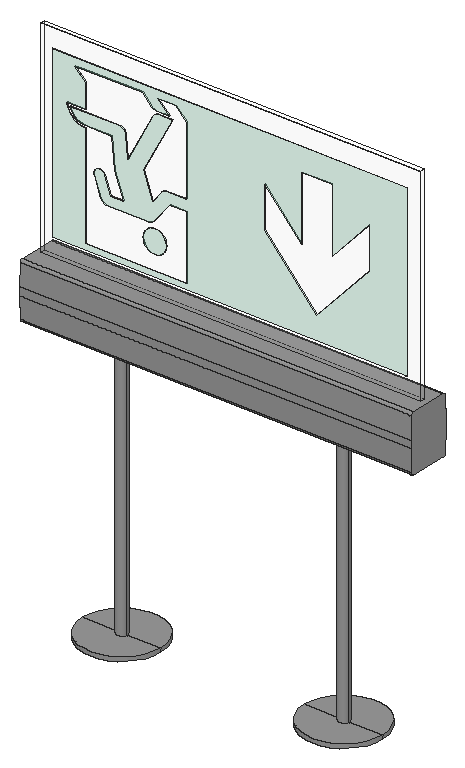
Revit family "0041752", category Lighting Fixtures, host Face, Revit 2017
Family settings
  Host = Face
  Round Connector Dimension = Use Diameter
  Part Type = Normal
  OmniClass Number = 23.80.70.00
  OmniClass Title = Lighting
  Cut with Voids When Loaded = No
  Light Source = No
  Shared = No
  Room Calculation Point = No
Parameters (values of type "0041752 SYLSAFE EXIT-MOD EX S EM3 MT MS Up")
  Width_SYL = 33 mm
  Weight = "0.866 kg"
  Wattage Comments = ""
  WarrantyStartDate [instance] = "n/a"
  WarrantyGuarantorParts = "n/a"
  WarrantyDurationUnit = "n/a"
  WarrantyDurationParts = "n/a"
  WarrantyDescription = "n/a"
  Voltage = 0 V
  URL = "http://www.sylvania-lighting.com"
  TypeSign_SYL = SylSafe EXIT Sign : Exit Arrow Up
  TypeName = "SylSafe Exit-Mod EX S EM3 MT MS Up"
  Type Image = <None>
  Type Comments = "n/a"
  SuspensionHeight_SYL = 140 mm
  SerialNumber [instance] = "n/a"
  RotatableArmThickness_SYL = 3 mm
  RadiusBody_SYL = Width_SYL / 2  # 16.5 mm
  Material_3_SYL = none
  PowerFactor = 0.49
  PowerConsumption = "4.9 W"
  NominalLength = 300 mm
  NominalHeight = 201 mm
  NominalDepth = 49 mm
  Name = "SylSafe Exit-Mod EX S EM3 MT MS Up"
  ModelReference = Name  # "SylSafe Exit-Mod EX S EM3 MT MS Up"
  ModelNumber = "0041752"
  Model = Name  # "SylSafe Exit-Mod EX S EM3 MT MS Up"
  Material = "n/a"
  ManufacturerName = "Feilo Sylvania"
  Manufacturer = "Feilo Sylvania"
  LuminousEfficacy = "0 lm/W"
  LuminaireType = ""
  LightOutputRatio = "n/a"
  Length_SYL = 300 mm
  LampsType = Lamp  # "LED"
  LampNominalLuminous = "- lm"
  LampMacAdamStep = "n/a"
  LampColourTemperature = "0 K"
  LampColourRenderingIndex = "0"
  Lamp = "LED"
  Keynote = "16500"
  InstallationDate [instance] = "n/a"
  InputVoltage = "n/a"
  InputNominalFrequency = "n/a"
  IngressProtection = "IP20"
  ImpactProtectionIndex = "IK03"
  IfcExportType = "IfcLightFixtureType"
  IfcExportAs = "IfcLightFixtureType"
  Height_SYL = 43 mm
  ExpectedLife = 50000
  ElectricShockClassification = "Class II"
  DurationUnit = "hours"
  DocumentationLiterature = "http://www.sylvania-lighting.com/product/en-int/products/0041752"
  DimmingControlOptions = "n/a"
  Material_2_SYL = none
  Description = "SylSafe Exit-Mod EX S EM3 MT MS is a suspended emergency exit sign. Comes with ISO7010 compliant legend pack. Arrows left, right, up, down and a blank sheet for single sided versions. EC legend pack is available as accessory. Viewing distance 26m. White housing colour.  Maintained 3hr emergency operation with NiMH rechargeable battery. Recharge period 24 hours. 4.9W, IK03, IP20. Power Factor 0.49. Class II electrical construction."
  Default Elevation = 1219.2 mm
  CreatedOn = "10/28/2019"
  CreatedBy = "@sylvania-lighting.com"
  Cost = 0
  built-in parameter 1114216 [instance] = (empty or 0)
  ClassificationValue = "EF_70_80"
  ClassificationName = "Uniclass2015"
  Material_1_SYL = PC/ABS Plastic
  BarCode [instance] = "n/a"
  AssetType = "Fixed"
  AssetIdentifier [instance] = "n/a"
  Assembly Code = "D5020200"
  Apparent Load = 4.9 VA
  Material_4_SYL = none
Types (4, lengths in mm): name | TypeSign_SYL | TypeName | Name | ModelReference | Model
  0041752 SYLSAFE EXIT-MOD EX S EM3 MT MS Up | SylSafe EXIT Sign : Exit Arrow Up | "SylSafe Exit-Mod EX S EM3 MT MS Up" | "SylSafe Exit-Mod EX S EM3 MT MS Up" | "SylSafe Exit-Mod EX S EM3 MT MS Up" | "SylSafe Exit-Mod EX S EM3 MT MS Up"
  0041752 SYLSAFE EXIT-MOD EX S EM3 MT MS Right | SylSafe EXIT Sign : Exit Arrow Right | "SylSafe Exit-Mod EX S EM3 MT MS Right" | "SylSafe Exit-Mod EX S EM3 MT MS Right" | "SylSafe Exit-Mod EX S EM3 MT MS Right" | "SylSafe Exit-Mod EX S EM3 MT MS Right"
  0041752 SYLSAFE EXIT-MOD EX S EM3 MT MS Left | SylSafe EXIT Sign : Exit Arrow Left | "SylSafe Exit-Mod EX S EM3 MT MS Left" | "SylSafe Exit-Mod EX S EM3 MT MS Left" | "SylSafe Exit-Mod EX S EM3 MT MS Left" | "SylSafe Exit-Mod EX S EM3 MT MS Left"
  0041752 SYLSAFE EXIT-MOD EX S EM3 MT MS Down | SylSafe EXIT Sign : Exit Arrow Down | "SylSafe Exit-Mod EX S EM3 MT MS Down" | "SylSafe Exit-Mod EX S EM3 MT MS Down" | "SylSafe Exit-Mod EX S EM3 MT MS Down" | "SylSafe Exit-Mod EX S EM3 MT MS Down"
Reference planes
  plane 1 "Center (Front/Back)": y = 0
  plane 2: z = 200
  plane 3 "Center (Left/Right)": x = 0
  plane 4: y = 16.5
  plane 5: y = -16.5
  plane 6: z = 243
  plane 7: x = -150
  plane 8: x = 150
  plane 9: z = 221.5
  plane 10: y = -15.9
  plane 11: y = 15.9
  plane 12: x = -85
  plane 13: x = 85
  plane 14: x = -115
  plane 15: x = 55
  plane 16: z = 3
Forms (mm)
  Extrusion 1, solid, material "PC/ABS Plastic" <- "Material_1_SYL"
    sketch origin (0, 0, 200) x (1, 0, 0) y (0, 1, 0)
      loop
        circle (-85, 0) r 4
      loop
        circle (85, 0) r 4
    from 0 to -200
  Extrusion 2, solid, material "PC/ABS Plastic" <- "Material_1_SYL"
    sketch origin (0, 0, 0) x (0, 1, 0) y (0, 0, 1)
      loop
        line (13.955, 243) -> (-13.955, 243)
        arc (-13.955, 243) -> (-15.349, 242.434) -> (-15.954, 241.056) r 2
        line (-15.954, 241.056) -> (-16.422, 224.29)
        arc (-16.422, 224.29) -> (-16.461, 221.5) -> (-16.422, 218.71) r 100
        line (-16.422, 218.71) -> (-15.954, 201.944)
        arc (-15.954, 201.944) -> (-15.349, 200.566) -> (-13.955, 200) r 2
        line (-13.955, 200) -> (13.955, 200)
        arc (13.955, 200) -> (15.349, 200.566) -> (15.954, 201.944) r 2
        line (15.954, 201.944) -> (16.422, 218.71)
        arc (16.422, 218.71) -> (16.461, 221.5) -> (16.422, 224.29) r 100
        line (16.422, 224.29) -> (15.954, 241.056)
        arc (15.954, 241.056) -> (15.349, 242.434) -> (13.955, 243) r 2
    from -150 to 150
  Revolve 3, solid, material "PC/ABS Plastic" <- "Material_1_SYL"
    sketch origin (0, 0, 0) x (1, 0, 0) y (0, 0, 1)
      loop
        line (-85, 3) -> (-115, 3) -> (-115, 0) -> (-85, 0) -> (-85, 3)
      axis (-85, 3) -> (-85, 0)
    angle from 360 to 0
  Revolve 4, solid, material "PC/ABS Plastic" <- "Material_1_SYL"
    sketch origin (0, 0, 0) x (1, 0, 0) y (0, 0, 1)
      loop
        line (85, 3) -> (55, 3) -> (55, 0) -> (85, 0) -> (85, 3)
      axis (85, 3) -> (85, 0)
    angle from 360 to 0
Lines and regions (mm)
  reference lines
    curve 1: line (0, -16.5, 221.5) -> (0, -15.9, 243)
    curve 2: line (0, -16.5, 221.5) -> (0, -15.9, 200)
    curve 3: line (0, 15.9, 200) -> (0, 16.5, 221.5)
    curve 4: line (0, 16.5, 221.5) -> (0, 15.9, 243)
Dimensions and locks
  equal spacing: plane 5, plane 1 "Center (Front/Back)", plane 4
  "Width_SYL": plane 5 to plane 4
  equal spacing: plane 8, plane 3 "Center (Left/Right)", plane 7
  "Length_SYL": plane 8 to plane 7
  equal spacing: plane 2, plane 9, plane 6
  "Height_SYL": plane 6 to plane 2
  equal spacing: plane 10, plane 1 "Center (Front/Back)", plane 11
  locked: plane 5 to plane 10 at 0.6
  equal spacing: host sketch curve, plane 3 "Center (Left/Right)", host sketch curve
  equal spacing: host sketch curve, plane 1 "Center (Front/Back)", host sketch curve
  equal spacing: plane 13, plane 3 "Center (Left/Right)", plane 12
  locked: plane 13 to plane 12 at 170
  plane 2 to level = 200 mm
  locked: plane 16 to level at 3
  locked: plane 12 to plane 14 at 30
  locked: plane 13 to plane 15 at 30
  aligned and locked: level to host face
  aligned and locked: plane 9 to curve 1
  aligned and locked: plane 6 to curve 1
  aligned and locked: plane 9 to curve 3
  aligned and locked: plane 6 to curve 4
  aligned and locked: plane 12 to Extrusion 1 sketch curve
  aligned and locked: plane 1 "Center (Front/Back)" to Extrusion 1 sketch curve  (x2)
  aligned and locked: plane 13 to Extrusion 1 sketch curve
  aligned and locked: plane 2 to Extrusion 1
  aligned and locked: Extrusion 1 to level
  aligned and locked: Extrusion 2 sketch curve to plane 6
  aligned and locked: Extrusion 2 sketch curve to curve 1
  aligned and locked: curve 2 to Extrusion 2 sketch curve
  aligned and locked: Extrusion 2 sketch curve to plane 2
  aligned and locked: curve 3 to Extrusion 2 sketch curve
  aligned and locked: curve 4 to Extrusion 2 sketch curve
  aligned and locked: plane 8 to Extrusion 2
  aligned and locked: Extrusion 2 to plane 7
  aligned and locked: plane 1 "Center (Front/Back)" to nested 1
  aligned and locked: plane 3 "Center (Left/Right)" to nested 1
  aligned and locked: Revolve 3 sketch curve to plane 12
  aligned and locked: plane 16 to Revolve 3 sketch curve
  aligned and locked: plane 12 to Revolve 3 sketch curve
  aligned and locked: Revolve 3 sketch curve to level
  aligned and locked: Revolve 3 sketch curve to plane 14
  aligned and locked: Revolve 4 sketch curve to plane 13
  aligned and locked: plane 16 to Revolve 4 sketch curve
  aligned and locked: plane 13 to Revolve 4 sketch curve
  aligned and locked: Revolve 4 sketch curve to level
  aligned and locked: Revolve 4 sketch curve to plane 15
Automatic sketch dimensions
  curve 2 to plane 5 = 0 mm
  curve 2 to plane 10 = 0 mm
  curve 1 to plane 10 = 0 mm
  curve 4 to plane 11 = 0 mm
  curve 3 to plane 11 = 0 mm
  curve 3 to plane 4 = 0 mm
  curve 2 to plane 2 = 0 mm
  curve 3 to plane 2 = 0 mm
  Extrusion 2 sketch curve to plane 5 = 0.078 mm
  plane 10 to Extrusion 2 sketch curve = 0.054 mm  (x2)
  plane 11 to Extrusion 2 sketch curve = 1.945 mm  (x2)
  plane 4 to Extrusion 2 sketch curve = 0.078 mm
  Revolve 3 sketch curve to level = 609.6 mm
  Revolve 3 sketch curve to plane 6 = 2366.058 mm
  Revolve 4 sketch curve to level = 609.6 mm
  Revolve 4 sketch curve to plane 6 = 2366.058 mm
  radius of Extrusion 1 sketch curve = 4 mm  (x2)
Nested families
  nested 1: "SylSafe EXIT Sign" at (0, 0, 243), type <- "TypeSign_SYL", type "Exit Arrow Up"
    with built-in parameter 1114216 (empty or 0)
Definition of nested family "SylSafe EXIT Sign"
  Parameters (values of type "Exit Arrow Down")
    Width_SYL = 4 mm
    Wattage Comments = "n/a"
    Wattage = 2.2 W
    built-in parameter 1150110 = 1 (stored number, unit not read)
    Up_SYL = no
    URL = "http://www.sylvania-lighting.com"
    Type Image = (empty or 0)
    Type Comments = "n/a"
    built-in parameter 1114217 = 1 (stored number, unit not read)
    ThicknessLabel_SYL = 0.8 mm
    built-in parameter 1150109 = 1 (stored number, unit not read)
    built-in parameter 1150134 = 5
    built-in parameter 1150113 = 1 (stored number, unit not read)
    Right_SYL = no
    Material_3_SYL = none
    Model = ""
    Manufacturer = "Feilo Sylvania"
    built-in parameter 1150105 = 70.028 (stored number, unit not read)
    Lumens = 220 lm
    built-in parameter 1150115 = 1 (stored number, unit not read)
    Light Source Symbol Size = 50 mm
    built-in parameter 1150137 = (empty or 0)
    built-in parameter 1150139 = (empty or 0)
    Left_SYL = no
    built-in parameter 1150112 = 1 (stored number, unit not read)
    built-in parameter 1150114 = 1 (stored number, unit not read)
    Lamp = "LED"
    Keynote = "16500"
    Material_2_SYL = none
    built-in parameter 1150132 = (empty or 0)
    built-in parameter 1150102 = (empty or 0)
    built-in parameter 1150107 = 6000 (stored number, unit not read)
    built-in parameter 1150138 = (empty or 0)
    built-in parameter 1150106 = 0.70028 (stored number, unit not read)
    Emit from Line Length = 291 mm  # constant formula
    built-in parameter 1150104 = 9.2903 (stored number, unit not read)
    Down_SYL = yes
    Dimming Lamp Color Temperature Shift = (empty or 0)
    Description = ""
    Default Elevation = 1219.2 mm
    Cost = 0
    Color Filter = 16777215
    built-in parameter 1114216 [instance] = (empty or 0)
    Material_1_SYL = none
    built-in parameter 1114218 = 1 (stored number, unit not read)
    built-in parameter 1150133 = 10 (stored number, unit not read)
    Assembly Code = "D5020200"
    Apparent Load = 0 VA
    Material_4_SYL = none
  Types (4, lengths in mm): name | Up_SYL | Right_SYL | Left_SYL | Down_SYL | Apparent Load
    Exit Arrow Right | no | yes | no | no | 2.2 VA
    Exit Arrow Left | no | no | yes | no | 2.2 VA
    Exit Arrow Up | yes | no | no | no | 4.9 VA
    Exit Arrow Down | no | no | no | yes | 0 VA
  Reference planes
    plane 1 "Center (Front/Back)": y = 0
    plane 2: z = 0
    plane 3 "Center (Left/Right)": x = 0
    plane 4: z = 0.008
    plane 5: y = 2
    plane 6: y = -2
    plane 7: y = -2.8
    plane 8: x = -145.5
    plane 9: x = 145.5
    plane 10: z = 158
    plane 11: z = 79.004
  Forms (mm)
    Extrusion 1, solid
      sketch origin (4.2, 0, 0) x (1, 0, 0) y (0, 1, 0)
        loop
          line (-1219.2, 1219.2) -> (-1219.2, -1219.2) -> (1219.2, -1219.2) -> (1219.2, 1219.2) -> (-1219.2, 1219.2)
      from 0 to -68.017
    Extrusion 2, solid, material <- "Material_2_SYL", visible <- "Left_SYL", detail levels fine
      sketch origin (351.989, -2, 271.712) x (0, 0, -1) y (1, 0, 0)
        loop
          circle (232.921, -409.427) r 8.997
        loop
          line (252.914, -384.876) -> (203.771, -384.876) -> (203.771, -398.197) -> (218.424, -409.24)
          arc (218.424, -409.24) -> (220.352, -411.558) -> (221.043, -414.493) r 6.578
          line (221.043, -414.493) -> (221.043, -445.923)
          arc (221.043, -445.923) -> (220.132, -448.814) -> (217.728, -450.658) r 5.039
          line (217.728, -450.658) -> (203.593, -455.803)
          arc (203.593, -455.803) -> (198.134, -453.257) -> (200.68, -447.797) r 4.26
          line (200.68, -447.797) -> (213.464, -443.144) -> (213.464, -433.37) -> (194.903, -440.126) -> (171.839, -442.143) -> (171.839, -462.298)
          arc (171.839, -462.298) -> (169.301, -469.956) -> (162.694, -474.583) r 12.824
          line (162.694, -474.583) -> (162.694, -436.566)
          arc (162.694, -436.566) -> (164.018, -433.162) -> (167.293, -431.547) r 5.039
          line (167.293, -431.547) -> (183.708, -430.111) -> (147.253, -410.727)
          arc (147.253, -410.727) -> (145.299, -408.874) -> (144.58, -406.279) r 5.039
          line (144.58, -406.279) -> (144.58, -395.77) -> (186.296, -417.95) -> (205.853, -410.832) -> (197.426, -404.482)
          arc (197.426, -404.482) -> (195.783, -402.507) -> (195.195, -400.008) r 5.602
          line (195.195, -400.008) -> (195.195, -384.876) -> (142.284, -384.876) -> (133.752, -393.408) -> (133.752, -406.996) -> (142.825, -397.923) -> (142.825, -407.504)
          arc (142.825, -407.504) -> (142.393, -409.678) -> (141.162, -411.52) r 5.68
          line (141.162, -411.52) -> (133.752, -418.93) -> (133.752, -470.519) -> (141.973, -462.298) -> (160.874, -462.298) -> (160.874, -477.07)
          arc (160.874, -477.07) -> (169.956, -471.998) -> (173.715, -462.298) r 15.341
          line (173.715, -462.298) -> (252.914, -462.298) -> (252.914, -384.876)
        loop
          line (257.706, -215.944) -> (127.708, -215.944) -> (127.708, -488.034) -> (257.706, -488.034) -> (257.706, -215.944)
        loop
          line (204.292, -340.093) -> (204.292, -290.517) -> (232.638, -321.999) -> (232.638, -290.517) -> (192.707, -235.084) -> (152.776, -290.517) -> (152.776, -321.999) -> (181.122, -290.517) -> (181.122, -340.093) -> (204.292, -340.093)
      from 0 to 0.8
    Extrusion 3, solid, material <- "Material_2_SYL", visible <- "Up_SYL", detail levels fine
      sketch origin (0, -2, -647.069) x (0, 0, -1) y (1, 0, 0)
        loop
          line (-785.029, -41.419) -> (-785.029, -55.007) -> (-775.956, -45.934) -> (-775.956, -55.515)
          arc (-775.956, -55.515) -> (-776.388, -57.689) -> (-777.62, -59.531) r 5.68
          line (-777.62, -59.531) -> (-785.029, -66.941) -> (-785.029, -118.53) -> (-776.808, -110.309) -> (-757.907, -110.309) -> (-757.907, -125.081)
          arc (-757.907, -125.081) -> (-748.825, -120.009) -> (-745.067, -110.309) r 15.341
          line (-745.067, -110.309) -> (-665.867, -110.309) -> (-665.867, -32.887) -> (-715.011, -32.887) -> (-715.011, -46.208) -> (-700.357, -57.251)
          arc (-700.357, -57.251) -> (-698.429, -59.569) -> (-697.738, -62.504) r 6.578
          line (-697.738, -62.504) -> (-697.738, -93.934)
          arc (-697.738, -93.934) -> (-698.649, -96.825) -> (-701.053, -98.669) r 5.039
          line (-701.053, -98.669) -> (-715.188, -103.814)
          arc (-715.188, -103.814) -> (-720.647, -101.268) -> (-718.102, -95.808) r 4.26
          line (-718.102, -95.808) -> (-705.317, -91.155) -> (-705.317, -81.381) -> (-723.879, -88.137) -> (-746.943, -90.155) -> (-746.943, -110.309)
          arc (-746.943, -110.309) -> (-749.48, -117.967) -> (-756.087, -122.594) r 12.824
          line (-756.087, -122.594) -> (-756.087, -84.577)
          arc (-756.087, -84.577) -> (-754.764, -81.173) -> (-751.488, -79.558) r 5.039
          line (-751.488, -79.558) -> (-735.074, -78.122) -> (-771.528, -58.738)
          arc (-771.528, -58.738) -> (-773.482, -56.885) -> (-774.201, -54.29) r 5.039
          line (-774.201, -54.29) -> (-774.201, -43.781) -> (-732.486, -65.961) -> (-712.929, -58.843) -> (-721.356, -52.493)
          arc (-721.356, -52.493) -> (-722.998, -50.518) -> (-723.586, -48.019) r 5.602
          line (-723.586, -48.019) -> (-723.586, -32.887) -> (-776.497, -32.887) -> (-785.029, -41.419)
        loop
          circle (-685.86, -57.438) r 8.997
        loop
          line (-723.46, 78.505) -> (-773.036, 78.505) -> (-773.036, 55.335) -> (-723.46, 55.335) -> (-754.942, 26.989) -> (-723.46, 26.989) -> (-679.112, 66.92) -> (-723.46, 106.851) -> (-754.942, 106.851) -> (-723.46, 78.505)
        loop
          line (-791.073, -136.045) -> (-661.075, -136.045) -> (-661.075, 136.045) -> (-791.073, 136.045) -> (-791.073, -136.045)
      from 0 to 0.8
    Extrusion 4, solid, material <- "Material_2_SYL", visible <- "Down_SYL", detail levels fine
      sketch origin (0, -2, -647.069) x (0, 0, -1) y (1, 0, 0)
        loop
          line (-715.011, -46.208) -> (-700.357, -57.251)
          arc (-700.357, -57.251) -> (-698.429, -59.569) -> (-697.738, -62.504) r 6.578
          line (-697.738, -62.504) -> (-697.738, -93.934)
          arc (-697.738, -93.934) -> (-698.649, -96.825) -> (-701.053, -98.669) r 5.039
          line (-701.053, -98.669) -> (-715.188, -103.814)
          arc (-715.188, -103.814) -> (-720.647, -101.268) -> (-718.102, -95.808) r 4.26
          line (-718.102, -95.808) -> (-705.317, -91.155) -> (-705.317, -81.381) -> (-723.879, -88.137) -> (-746.943, -90.155) -> (-746.943, -110.309)
          arc (-746.943, -110.309) -> (-749.48, -117.967) -> (-756.087, -122.594) r 12.824
          line (-756.087, -122.594) -> (-756.087, -84.577)
          arc (-756.087, -84.577) -> (-754.764, -81.173) -> (-751.488, -79.558) r 5.039
          line (-751.488, -79.558) -> (-735.074, -78.122) -> (-771.528, -58.738)
          arc (-771.528, -58.738) -> (-773.482, -56.885) -> (-774.201, -54.29) r 5.039
          line (-774.201, -54.29) -> (-774.201, -43.781) -> (-732.486, -65.961) -> (-712.929, -58.843) -> (-721.356, -52.493)
          arc (-721.356, -52.493) -> (-722.998, -50.518) -> (-723.586, -48.019) r 5.602
          line (-723.586, -48.019) -> (-723.586, -32.887) -> (-776.497, -32.887) -> (-785.029, -41.419) -> (-785.029, -55.007) -> (-775.956, -45.934) -> (-775.956, -55.515)
          arc (-775.956, -55.515) -> (-776.388, -57.689) -> (-777.62, -59.531) r 5.68
          line (-777.62, -59.531) -> (-785.029, -66.941) -> (-785.029, -118.53) -> (-776.808, -110.309) -> (-757.907, -110.309) -> (-757.907, -125.081)
          arc (-757.907, -125.081) -> (-748.825, -120.009) -> (-745.067, -110.309) r 15.341
          line (-745.067, -110.309) -> (-665.867, -110.309) -> (-665.867, -32.887) -> (-715.011, -32.887) -> (-715.011, -46.208)
        loop
          circle (-685.86, -57.438) r 8.997
        loop
          line (-791.073, -136.045) -> (-661.075, -136.045) -> (-661.075, 136.045) -> (-791.073, 136.045) -> (-791.073, -136.045)
        loop
          line (-679.112, 55.335) -> (-679.112, 78.505) -> (-728.688, 78.505) -> (-697.206, 106.851) -> (-728.688, 106.851) -> (-773.036, 66.92) -> (-728.688, 26.989) -> (-697.206, 26.989) -> (-728.688, 55.335) -> (-679.112, 55.335)
      from 0 to 0.8
    Extrusion 5, solid, material <- "Material_2_SYL", visible <- "Right_SYL", detail levels fine
      sketch origin (0, -2, -647.069) x (0, 0, -1) y (1, 0, 0)
        loop
          line (-732.486, 57.899) -> (-774.201, 35.719) -> (-774.201, 46.228)
          arc (-774.201, 46.228) -> (-773.482, 48.823) -> (-771.528, 50.677) r 5.039
          line (-771.528, 50.677) -> (-735.074, 70.06) -> (-751.488, 71.496)
          arc (-751.488, 71.496) -> (-754.764, 73.111) -> (-756.087, 76.515) r 5.039
          line (-756.087, 76.515) -> (-756.087, 114.533)
          arc (-756.087, 114.533) -> (-749.48, 109.905) -> (-746.943, 102.247) r 12.824
          line (-746.943, 102.247) -> (-746.943, 82.093) -> (-723.879, 80.075) -> (-705.317, 73.319) -> (-705.317, 83.093) -> (-718.102, 87.747)
          arc (-718.102, 87.747) -> (-720.647, 93.206) -> (-715.188, 95.752) r 4.26
          line (-715.188, 95.752) -> (-701.053, 90.607)
          arc (-701.053, 90.607) -> (-698.649, 88.763) -> (-697.738, 85.873) r 5.039
          line (-697.738, 85.873) -> (-697.738, 54.442)
          arc (-697.738, 54.442) -> (-698.429, 51.507) -> (-700.357, 49.189) r 6.578
          line (-700.357, 49.189) -> (-715.011, 38.146) -> (-715.011, 24.826) -> (-665.867, 24.826) -> (-665.867, 102.247) -> (-745.067, 102.247)
          arc (-745.067, 102.247) -> (-748.825, 111.947) -> (-757.907, 117.019) r 15.341
          line (-757.907, 117.019) -> (-757.907, 102.247) -> (-776.808, 102.247) -> (-785.029, 110.468) -> (-785.029, 58.879) -> (-777.62, 51.469)
          arc (-777.62, 51.469) -> (-776.388, 49.627) -> (-775.956, 47.453) r 5.68
          line (-775.956, 47.453) -> (-775.956, 37.872) -> (-785.029, 46.945) -> (-785.029, 33.357) -> (-776.497, 24.826) -> (-723.586, 24.826) -> (-723.586, 39.957)
          arc (-723.586, 39.957) -> (-722.998, 42.456) -> (-721.356, 44.431) r 5.602
          line (-721.356, 44.431) -> (-712.929, 50.781) -> (-732.486, 57.899)
        loop
          circle (-685.86, 49.376) r 8.997
        loop
          line (-766.005, -38.052) -> (-766.005, -69.534) -> (-726.074, -121.944) -> (-686.143, -69.534) -> (-686.143, -38.052) -> (-714.489, -69.534) -> (-714.489, -19.958) -> (-737.659, -19.958) -> (-737.659, -69.534) -> (-766.005, -38.052)
        loop
          line (-791.073, -136.045) -> (-661.075, -136.045) -> (-661.075, 136.045) -> (-791.073, 136.045) -> (-791.073, -136.045)
      from 0 to 0.8
    Extrusion 6, solid, material <- "Material_3_SYL"
      sketch origin (0, 0, 0) x (1, 0, 0) y (0, 0, 1)
        loop
          line (-145.5, 0) -> (145.5, 0) -> (145.5, 158) -> (-145.5, 158) -> (-145.5, 0)
      from -2 to 2
  Dimensions and locks
    equal spacing: plane 6, plane 1 "Center (Front/Back)", plane 5
    "Width_SYL": plane 6 to plane 5
    "ThicknessLabel_SYL": plane 7 to plane 6
    equal spacing: plane 9, plane 3 "Center (Left/Right)", plane 8
    locked: plane 9 to plane 8 at 291
    locked: plane 10 to plane 4 at 157.992
    equal spacing: plane 10, plane 11, plane 4
    aligned and locked: plane 2 to Extrusion 1
    aligned and locked: level to Extrusion 1
    aligned and locked: Extrusion 3 to Extrusion 2
    aligned and locked: Extrusion 3 to plane 6
    aligned and locked: plane 7 to Extrusion 3
    aligned and locked: Extrusion 4 to plane 6
    aligned and locked: plane 7 to Extrusion 4
    aligned and locked: Extrusion 5 to plane 6
    aligned and locked: plane 7 to Extrusion 5
    aligned and locked: plane 4 to imposter light
    aligned and locked: plane 3 "Center (Left/Right)" to imposter light
    aligned and locked: plane 1 "Center (Front/Back)" to imposter light
    aligned and locked: Extrusion 6 sketch curve to level
    aligned and locked: plane 6 to Extrusion 6
    aligned and locked: Extrusion 6 to plane 5
    aligned and locked: Extrusion 6 sketch curve to plane 8
    aligned and locked: plane 9 to Extrusion 6 sketch curve
    aligned and locked: Extrusion 6 sketch curve to plane 10
  Automatic sketch dimensions
    Extrusion 1 sketch curve to Extrusion 1 sketch curve = 2438.4 mm  (x2)
    Extrusion 5 sketch curve to Extrusion 5 sketch curve = 0 mm  (x6)
    plane 10 to Extrusion 5 sketch curve = 13.996 mm
    plane 10 to Extrusion 5 sketch curve = 20.04 mm  (x2)
    Extrusion 5 sketch curve to Extrusion 5 sketch curve = 3.393 mm
    Extrusion 5 sketch curve to Extrusion 5 sketch curve = 4.016 mm
    Extrusion 5 sketch curve to Extrusion 5 sketch curve = 8.221 mm  (x2)
    Extrusion 5 sketch curve to Extrusion 5 sketch curve = 8.532 mm  (x2)
    Extrusion 5 sketch curve to Extrusion 5 sketch curve = 9.073 mm
    Extrusion 5 sketch curve to Extrusion 5 sketch curve = 1.755 mm
    Extrusion 5 sketch curve to Extrusion 5 sketch curve = 2.673 mm
    Extrusion 5 sketch curve to Extrusion 5 sketch curve = 5.039 mm  (x2)
    plane 10 to Extrusion 5 sketch curve = 39.064 mm
    Extrusion 5 sketch curve to Extrusion 5 sketch curve = 16.405 mm
    Extrusion 5 sketch curve to Extrusion 5 sketch curve = 0.636 mm
    Extrusion 5 sketch curve to Extrusion 5 sketch curve = 1.86 mm
    Extrusion 5 sketch curve to Extrusion 5 sketch curve = 4.316 mm
    Extrusion 5 sketch curve to Extrusion 5 sketch curve = 4.6 mm
    Extrusion 5 sketch curve to Extrusion 5 sketch curve = 0.439 mm
    Extrusion 5 sketch curve to Extrusion 5 sketch curve = 10.965 mm
    Extrusion 5 sketch curve to Extrusion 5 sketch curve = 1.876 mm
    Extrusion 5 sketch curve to plane 11 = 11.586 mm
    Extrusion 5 sketch curve to plane 11 = 9 mm
    Extrusion 5 sketch curve to plane 11 = 6.412 mm
    Extrusion 5 sketch curve to plane 11 = 0.001 mm
    plane 11 to Extrusion 5 sketch curve = 2.195 mm
    plane 11 to Extrusion 5 sketch curve = 2.487 mm
    plane 11 to Extrusion 5 sketch curve = 4.718 mm
    plane 11 to Extrusion 5 sketch curve = 7.972 mm
    Extrusion 5 sketch curve to Extrusion 5 sketch curve = 3.372 mm
    Extrusion 5 sketch curve to Extrusion 5 sketch curve = 1.457 mm  (x2)
    Extrusion 5 sketch curve to Extrusion 5 sketch curve = 2.973 mm
    plane 11 to Extrusion 5 sketch curve = 11.584 mm
    Extrusion 5 sketch curve to Extrusion 5 sketch curve = 8.427 mm
    Extrusion 5 sketch curve to Extrusion 5 sketch curve = 12.785 mm
    Extrusion 5 sketch curve to Extrusion 5 sketch curve = 8.613 mm
    Extrusion 5 sketch curve to Extrusion 5 sketch curve = 2.54 mm
    Extrusion 5 sketch curve to Extrusion 5 sketch curve = 1.723 mm
    Extrusion 5 sketch curve to Extrusion 5 sketch curve = 3.959 mm
    Extrusion 5 sketch curve to Extrusion 5 sketch curve = 28.346 mm
    Extrusion 5 sketch curve to Extrusion 5 sketch curve = 11.878 mm
    Extrusion 5 sketch curve to plane 4 = 18.79 mm
    Extrusion 5 sketch curve to plane 4 = 13.998 mm
    plane 8 to Extrusion 5 sketch curve = 9.455 mm
    plane 8 to Extrusion 5 sketch curve = 23.556 mm
    Extrusion 5 sketch curve to Extrusion 5 sketch curve = 52.41 mm  (x2)
    Extrusion 5 sketch curve to Extrusion 5 sketch curve = 31.482 mm  (x2)
    Extrusion 5 sketch curve to plane 3 "Center (Left/Right)" = 19.958 mm
    plane 3 "Center (Left/Right)" to Extrusion 5 sketch curve = 24.826 mm
    Extrusion 5 sketch curve to Extrusion 5 sketch curve = 2.361 mm
    Extrusion 5 sketch curve to Extrusion 5 sketch curve = 2.154 mm
    Extrusion 5 sketch curve to Extrusion 5 sketch curve = 13.321 mm
    Extrusion 5 sketch curve to Extrusion 5 sketch curve = 1.81 mm
    Extrusion 5 sketch curve to Extrusion 5 sketch curve = 8.355 mm
    Extrusion 5 sketch curve to Extrusion 5 sketch curve = 0.718 mm
    Extrusion 5 sketch curve to Extrusion 5 sketch curve = 0.508 mm
    Extrusion 5 sketch curve to Extrusion 5 sketch curve = 11.042 mm
    Extrusion 5 sketch curve to Extrusion 5 sketch curve = 5.066 mm
    Extrusion 5 sketch curve to Extrusion 5 sketch curve = 3.661 mm
    Extrusion 5 sketch curve to Extrusion 5 sketch curve = 13.468 mm
    Extrusion 5 sketch curve to Extrusion 5 sketch curve = 7.409 mm
    Extrusion 5 sketch curve to Extrusion 5 sketch curve = 12.16 mm
    Extrusion 5 sketch curve to Extrusion 5 sketch curve = 1.436 mm
    Extrusion 5 sketch curve to Extrusion 5 sketch curve = 18.877 mm
    Extrusion 5 sketch curve to Extrusion 5 sketch curve = 10.015 mm
    Extrusion 5 sketch curve to Extrusion 5 sketch curve = 5.577 mm
    Extrusion 5 sketch curve to Extrusion 5 sketch curve = 9.774 mm
    Extrusion 5 sketch curve to Extrusion 5 sketch curve = 2.779 mm
    Extrusion 5 sketch curve to Extrusion 5 sketch curve = 7.672 mm
    Extrusion 5 sketch curve to Extrusion 5 sketch curve = 4.003 mm
    Extrusion 5 sketch curve to Extrusion 5 sketch curve = 19.79 mm
    Extrusion 5 sketch curve to Extrusion 5 sketch curve = 0.365 mm  (x2)
    Extrusion 5 sketch curve to plane 9 = 9.455 mm
    Extrusion 5 sketch curve to Extrusion 5 sketch curve = 5.5 mm
    Extrusion 4 sketch curve to Extrusion 4 sketch curve = 0 mm  (x5)
    plane 10 to Extrusion 4 sketch curve = 13.996 mm
    plane 10 to Extrusion 4 sketch curve = 20.04 mm
    Extrusion 4 sketch curve to Extrusion 4 sketch curve = 3.393 mm
    Extrusion 4 sketch curve to Extrusion 4 sketch curve = 4.016 mm
    Extrusion 4 sketch curve to Extrusion 4 sketch curve = 8.221 mm
    Extrusion 4 sketch curve to Extrusion 4 sketch curve = 8.532 mm
    Extrusion 4 sketch curve to Extrusion 4 sketch curve = 1.664 mm
    Extrusion 4 sketch curve to Extrusion 4 sketch curve = 1.755 mm
    plane 10 to Extrusion 4 sketch curve = 32.033 mm
    Extrusion 4 sketch curve to Extrusion 4 sketch curve = 2.673 mm
    Extrusion 4 sketch curve to Extrusion 4 sketch curve = 2.366 mm
    Extrusion 4 sketch curve to Extrusion 4 sketch curve = 16.405 mm
    Extrusion 4 sketch curve to Extrusion 4 sketch curve = 0.636 mm
    Extrusion 4 sketch curve to Extrusion 4 sketch curve = 1.86 mm
    Extrusion 4 sketch curve to Extrusion 4 sketch curve = 4.316 mm
    Extrusion 4 sketch curve to Extrusion 4 sketch curve = 4.6 mm
    Extrusion 4 sketch curve to Extrusion 4 sketch curve = 5.039 mm
    Extrusion 4 sketch curve to Extrusion 4 sketch curve = 4.106 mm
    Extrusion 4 sketch curve to Extrusion 4 sketch curve = 1.876 mm
    Extrusion 4 sketch curve to plane 11 = 9 mm
    Extrusion 4 sketch curve to plane 11 = 6.412 mm
    Extrusion 4 sketch curve to plane 11 = 2.615 mm  (x4)
    plane 11 to Extrusion 4 sketch curve = 2.195 mm
    plane 11 to Extrusion 4 sketch curve = 2.487 mm
    plane 11 to Extrusion 4 sketch curve = 4.718 mm
    plane 11 to Extrusion 4 sketch curve = 7.972 mm
    Extrusion 4 sketch curve to Extrusion 4 sketch curve = 3.372 mm
    Extrusion 4 sketch curve to Extrusion 4 sketch curve = 1.457 mm  (x2)
    Extrusion 4 sketch curve to Extrusion 4 sketch curve = 8.576 mm
    Extrusion 4 sketch curve to Extrusion 4 sketch curve = 8.427 mm
    Extrusion 4 sketch curve to Extrusion 4 sketch curve = 12.785 mm
    Extrusion 4 sketch curve to Extrusion 4 sketch curve = 8.613 mm
    Extrusion 4 sketch curve to Extrusion 4 sketch curve = 2.54 mm
    Extrusion 4 sketch curve to Extrusion 4 sketch curve = 1.723 mm
    Extrusion 4 sketch curve to Extrusion 4 sketch curve = 3.959 mm
    Extrusion 4 sketch curve to Extrusion 4 sketch curve = 2.619 mm
    plane 11 to Extrusion 4 sketch curve = 28.867 mm  (x2)
    Extrusion 4 sketch curve to Extrusion 4 sketch curve = 11.878 mm
    Extrusion 4 sketch curve to plane 4 = 32.035 mm
    Extrusion 4 sketch curve to plane 4 = 18.79 mm
    Extrusion 4 sketch curve to plane 4 = 13.998 mm
    plane 8 to Extrusion 4 sketch curve = 9.455 mm
    plane 8 to Extrusion 4 sketch curve = 20.419 mm
    Extrusion 4 sketch curve to Extrusion 4 sketch curve = 2.486 mm
    Extrusion 4 sketch curve to Extrusion 4 sketch curve = 17.515 mm
    Extrusion 4 sketch curve to Extrusion 4 sketch curve = 6.495 mm
    Extrusion 4 sketch curve to Extrusion 4 sketch curve = 4.003 mm
    Extrusion 4 sketch curve to Extrusion 4 sketch curve = 5.145 mm
    Extrusion 4 sketch curve to Extrusion 4 sketch curve = 2.779 mm
    Extrusion 4 sketch curve to Extrusion 4 sketch curve = 20.155 mm
    Extrusion 4 sketch curve to Extrusion 4 sketch curve = 7.672 mm
    Extrusion 4 sketch curve to Extrusion 4 sketch curve = 5.577 mm
    Extrusion 4 sketch curve to Extrusion 4 sketch curve = 9.774 mm
    Extrusion 4 sketch curve to Extrusion 4 sketch curve = 10.015 mm
    Extrusion 4 sketch curve to Extrusion 4 sketch curve = 17.637 mm
    Extrusion 4 sketch curve to Extrusion 4 sketch curve = 12.16 mm
    Extrusion 4 sketch curve to Extrusion 4 sketch curve = 18.877 mm
    Extrusion 4 sketch curve to Extrusion 4 sketch curve = 7.409 mm
    Extrusion 4 sketch curve to Extrusion 4 sketch curve = 3.661 mm
    Extrusion 4 sketch curve to Extrusion 4 sketch curve = 3.223 mm
    Extrusion 4 sketch curve to Extrusion 4 sketch curve = 5.066 mm
    Extrusion 4 sketch curve to Extrusion 4 sketch curve = 0.508 mm
    Extrusion 4 sketch curve to Extrusion 4 sketch curve = 6.35 mm
    Extrusion 4 sketch curve to Extrusion 4 sketch curve = 1.81 mm
    Extrusion 4 sketch curve to Extrusion 4 sketch curve = 8.355 mm
    Extrusion 4 sketch curve to Extrusion 4 sketch curve = 2.154 mm
    Extrusion 4 sketch curve to Extrusion 4 sketch curve = 4.515 mm
    Extrusion 4 sketch curve to Extrusion 4 sketch curve = 10.893 mm
    Extrusion 4 sketch curve to Extrusion 4 sketch curve = 24.55 mm
    plane 3 "Center (Left/Right)" to Extrusion 4 sketch curve = 26.989 mm
    Extrusion 4 sketch curve to Extrusion 4 sketch curve = 28.346 mm  (x2)
    Extrusion 4 sketch curve to Extrusion 4 sketch curve = 11.585 mm
    Extrusion 4 sketch curve to Extrusion 4 sketch curve = 23.17 mm
    Extrusion 4 sketch curve to plane 9 = 9.455 mm
    Extrusion 4 sketch curve to Extrusion 4 sketch curve = 5.5 mm
    Extrusion 3 sketch curve to Extrusion 3 sketch curve = 0 mm  (x4)
    plane 10 to Extrusion 3 sketch curve = 13.996 mm
    plane 10 to Extrusion 3 sketch curve = 20.04 mm  (x2)
    Extrusion 3 sketch curve to Extrusion 3 sketch curve = 3.393 mm
    Extrusion 3 sketch curve to Extrusion 3 sketch curve = 4.016 mm
    Extrusion 3 sketch curve to Extrusion 3 sketch curve = 8.221 mm  (x2)
    Extrusion 3 sketch curve to Extrusion 3 sketch curve = 8.532 mm
    Extrusion 3 sketch curve to Extrusion 3 sketch curve = 1.664 mm
    Extrusion 3 sketch curve to Extrusion 3 sketch curve = 1.755 mm
    plane 10 to Extrusion 3 sketch curve = 32.033 mm
    Extrusion 3 sketch curve to Extrusion 3 sketch curve = 2.673 mm
    Extrusion 3 sketch curve to Extrusion 3 sketch curve = 5.039 mm  (x2)
    Extrusion 3 sketch curve to Extrusion 3 sketch curve = 16.405 mm
    Extrusion 3 sketch curve to Extrusion 3 sketch curve = 0.636 mm
    Extrusion 3 sketch curve to Extrusion 3 sketch curve = 1.86 mm
    Extrusion 3 sketch curve to Extrusion 3 sketch curve = 4.316 mm
    Extrusion 3 sketch curve to plane 11 = 28.869 mm  (x2)
    Extrusion 3 sketch curve to Extrusion 3 sketch curve = 4.6 mm
    Extrusion 3 sketch curve to Extrusion 3 sketch curve = 10.965 mm
    Extrusion 3 sketch curve to Extrusion 3 sketch curve = 1.876 mm
    Extrusion 3 sketch curve to plane 11 = 9 mm
    Extrusion 3 sketch curve to plane 11 = 6.412 mm
    plane 11 to Extrusion 3 sketch curve = 2.195 mm
    plane 11 to Extrusion 3 sketch curve = 2.487 mm
    plane 11 to Extrusion 3 sketch curve = 2.613 mm  (x4)
    plane 11 to Extrusion 3 sketch curve = 4.718 mm
    plane 11 to Extrusion 3 sketch curve = 7.972 mm
    Extrusion 3 sketch curve to Extrusion 3 sketch curve = 3.372 mm
    Extrusion 3 sketch curve to Extrusion 3 sketch curve = 1.457 mm  (x2)
    Extrusion 3 sketch curve to Extrusion 3 sketch curve = 8.576 mm
    Extrusion 3 sketch curve to Extrusion 3 sketch curve = 8.427 mm
    Extrusion 3 sketch curve to Extrusion 3 sketch curve = 12.785 mm
    Extrusion 3 sketch curve to Extrusion 3 sketch curve = 8.613 mm
    Extrusion 3 sketch curve to Extrusion 3 sketch curve = 2.54 mm
    Extrusion 3 sketch curve to Extrusion 3 sketch curve = 1.723 mm
    Extrusion 3 sketch curve to Extrusion 3 sketch curve = 3.959 mm
    Extrusion 3 sketch curve to Extrusion 3 sketch curve = 2.619 mm
    Extrusion 3 sketch curve to Extrusion 3 sketch curve = 11.878 mm
    Extrusion 3 sketch curve to plane 4 = 32.035 mm
    Extrusion 3 sketch curve to plane 4 = 18.79 mm
    Extrusion 3 sketch curve to plane 4 = 13.998 mm
    plane 8 to Extrusion 3 sketch curve = 9.455 mm
    plane 8 to Extrusion 3 sketch curve = 20.419 mm
    Extrusion 3 sketch curve to Extrusion 3 sketch curve = 2.486 mm
    Extrusion 3 sketch curve to Extrusion 3 sketch curve = 17.515 mm
    Extrusion 3 sketch curve to Extrusion 3 sketch curve = 6.495 mm
    Extrusion 3 sketch curve to Extrusion 3 sketch curve = 4.003 mm
    Extrusion 3 sketch curve to Extrusion 3 sketch curve = 5.145 mm
    Extrusion 3 sketch curve to Extrusion 3 sketch curve = 2.779 mm
    Extrusion 3 sketch curve to Extrusion 3 sketch curve = 20.155 mm
    Extrusion 3 sketch curve to Extrusion 3 sketch curve = 7.672 mm
    Extrusion 3 sketch curve to Extrusion 3 sketch curve = 5.577 mm
    Extrusion 3 sketch curve to Extrusion 3 sketch curve = 9.774 mm
    Extrusion 3 sketch curve to Extrusion 3 sketch curve = 10.015 mm
    Extrusion 3 sketch curve to Extrusion 3 sketch curve = 17.637 mm
    Extrusion 3 sketch curve to Extrusion 3 sketch curve = 12.16 mm
    Extrusion 3 sketch curve to Extrusion 3 sketch curve = 18.877 mm
    Extrusion 3 sketch curve to Extrusion 3 sketch curve = 7.409 mm
    Extrusion 3 sketch curve to Extrusion 3 sketch curve = 3.661 mm
    Extrusion 3 sketch curve to Extrusion 3 sketch curve = 3.223 mm
    Extrusion 3 sketch curve to Extrusion 3 sketch curve = 5.066 mm
    Extrusion 3 sketch curve to Extrusion 3 sketch curve = 0.508 mm
    Extrusion 3 sketch curve to Extrusion 3 sketch curve = 6.35 mm
    Extrusion 3 sketch curve to Extrusion 3 sketch curve = 1.81 mm
    Extrusion 3 sketch curve to Extrusion 3 sketch curve = 8.355 mm
    Extrusion 3 sketch curve to Extrusion 3 sketch curve = 2.154 mm
    Extrusion 3 sketch curve to Extrusion 3 sketch curve = 4.515 mm
    Extrusion 3 sketch curve to Extrusion 3 sketch curve = 13.321 mm
    plane 3 "Center (Left/Right)" to Extrusion 3 sketch curve = 26.989 mm
    Extrusion 3 sketch curve to Extrusion 3 sketch curve = 28.346 mm  (x2)
    Extrusion 3 sketch curve to Extrusion 3 sketch curve = 11.585 mm
    Extrusion 3 sketch curve to Extrusion 3 sketch curve = 23.17 mm
    Extrusion 3 sketch curve to plane 9 = 9.455 mm
    Extrusion 3 sketch curve to Extrusion 3 sketch curve = 5.5 mm
    plane 10 to Extrusion 2 sketch curve = 13.996 mm
    plane 10 to Extrusion 2 sketch curve = 20.04 mm
    Extrusion 2 sketch curve to Extrusion 2 sketch curve = 0 mm  (x3)
    Extrusion 2 sketch curve to Extrusion 2 sketch curve = 3.393 mm
    Extrusion 2 sketch curve to Extrusion 2 sketch curve = 4.016 mm
    Extrusion 2 sketch curve to Extrusion 2 sketch curve = 8.221 mm  (x2)
    Extrusion 2 sketch curve to Extrusion 2 sketch curve = 8.532 mm
    Extrusion 2 sketch curve to Extrusion 2 sketch curve = 9.073 mm
    Extrusion 2 sketch curve to Extrusion 2 sketch curve = 1.755 mm
    Extrusion 2 sketch curve to Extrusion 2 sketch curve = 2.673 mm
    Extrusion 2 sketch curve to Extrusion 2 sketch curve = 2.366 mm
    plane 10 to Extrusion 2 sketch curve = 39.064 mm
    Extrusion 2 sketch curve to Extrusion 2 sketch curve = 16.405 mm
    Extrusion 2 sketch curve to Extrusion 2 sketch curve = 0.636 mm
    Extrusion 2 sketch curve to Extrusion 2 sketch curve = 1.86 mm
    Extrusion 2 sketch curve to Extrusion 2 sketch curve = 4.316 mm
    Extrusion 2 sketch curve to Extrusion 2 sketch curve = 4.6 mm
    Extrusion 2 sketch curve to Extrusion 2 sketch curve = 0.439 mm
    Extrusion 2 sketch curve to Extrusion 2 sketch curve = 4.106 mm
    Extrusion 2 sketch curve to Extrusion 2 sketch curve = 1.876 mm
    Extrusion 2 sketch curve to plane 11 = 11.586 mm
    Extrusion 2 sketch curve to plane 11 = 9 mm
    Extrusion 2 sketch curve to plane 11 = 6.412 mm
    Extrusion 2 sketch curve to plane 11 = 0.001 mm
    plane 11 to Extrusion 2 sketch curve = 2.195 mm
    plane 11 to Extrusion 2 sketch curve = 2.487 mm
    plane 11 to Extrusion 2 sketch curve = 4.718 mm
    plane 11 to Extrusion 2 sketch curve = 7.972 mm
    Extrusion 2 sketch curve to Extrusion 2 sketch curve = 3.372 mm
    Extrusion 2 sketch curve to Extrusion 2 sketch curve = 1.457 mm  (x2)
    Extrusion 2 sketch curve to Extrusion 2 sketch curve = 2.973 mm
    plane 11 to Extrusion 2 sketch curve = 11.584 mm
    Extrusion 2 sketch curve to Extrusion 2 sketch curve = 8.427 mm
    Extrusion 2 sketch curve to Extrusion 2 sketch curve = 12.785 mm
    Extrusion 2 sketch curve to Extrusion 2 sketch curve = 8.613 mm
    Extrusion 2 sketch curve to Extrusion 2 sketch curve = 2.54 mm
    Extrusion 2 sketch curve to Extrusion 2 sketch curve = 1.723 mm
    Extrusion 2 sketch curve to Extrusion 2 sketch curve = 3.959 mm
    Extrusion 2 sketch curve to Extrusion 2 sketch curve = 5.039 mm
    Extrusion 2 sketch curve to Extrusion 2 sketch curve = 28.346 mm
    Extrusion 2 sketch curve to Extrusion 2 sketch curve = 11.878 mm
    Extrusion 2 sketch curve to plane 4 = 18.79 mm
    Extrusion 2 sketch curve to plane 4 = 13.998 mm
    plane 8 to Extrusion 2 sketch curve = 9.455 mm
    plane 8 to Extrusion 2 sketch curve = 20.419 mm
    Extrusion 2 sketch curve to Extrusion 2 sketch curve = 2.486 mm
    Extrusion 2 sketch curve to Extrusion 2 sketch curve = 17.515 mm
    Extrusion 2 sketch curve to Extrusion 2 sketch curve = 25.736 mm
    Extrusion 2 sketch curve to Extrusion 2 sketch curve = 6.495 mm
    Extrusion 2 sketch curve to Extrusion 2 sketch curve = 4.003 mm
    Extrusion 2 sketch curve to Extrusion 2 sketch curve = 5.145 mm
    Extrusion 2 sketch curve to Extrusion 2 sketch curve = 2.779 mm
    Extrusion 2 sketch curve to Extrusion 2 sketch curve = 20.155 mm
    Extrusion 2 sketch curve to Extrusion 2 sketch curve = 7.672 mm
    Extrusion 2 sketch curve to Extrusion 2 sketch curve = 5.577 mm
    Extrusion 2 sketch curve to Extrusion 2 sketch curve = 9.774 mm
    Extrusion 2 sketch curve to Extrusion 2 sketch curve = 10.015 mm
    Extrusion 2 sketch curve to Extrusion 2 sketch curve = 17.637 mm
    Extrusion 2 sketch curve to Extrusion 2 sketch curve = 12.16 mm
    Extrusion 2 sketch curve to Extrusion 2 sketch curve = 18.877 mm
    Extrusion 2 sketch curve to Extrusion 2 sketch curve = 7.409 mm
    Extrusion 2 sketch curve to Extrusion 2 sketch curve = 3.661 mm
    Extrusion 2 sketch curve to Extrusion 2 sketch curve = 3.223 mm
    Extrusion 2 sketch curve to Extrusion 2 sketch curve = 5.066 mm
    Extrusion 2 sketch curve to Extrusion 2 sketch curve = 0.508 mm
    Extrusion 2 sketch curve to Extrusion 2 sketch curve = 6.35 mm
    Extrusion 2 sketch curve to Extrusion 2 sketch curve = 1.81 mm
    Extrusion 2 sketch curve to Extrusion 2 sketch curve = 8.355 mm
    Extrusion 2 sketch curve to Extrusion 2 sketch curve = 2.154 mm
    Extrusion 2 sketch curve to Extrusion 2 sketch curve = 4.515 mm
    Extrusion 2 sketch curve to Extrusion 2 sketch curve = 10.893 mm
    Extrusion 2 sketch curve to Extrusion 2 sketch curve = 24.55 mm
    plane 3 "Center (Left/Right)" to Extrusion 2 sketch curve = 11.896 mm
    plane 3 "Center (Left/Right)" to Extrusion 2 sketch curve = 29.99 mm  (x2)
    Extrusion 2 sketch curve to Extrusion 2 sketch curve = 31.482 mm  (x2)
    Extrusion 2 sketch curve to plane 9 = 28.595 mm
    Extrusion 2 sketch curve to plane 9 = 9.455 mm
    radius of Extrusion 2 sketch curve = 8.997 mm
